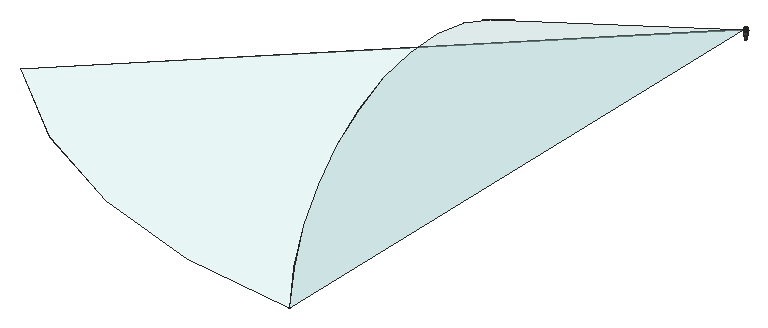
Revit family "Rotor 2045 Series - 2045PJ", category Acessórios do tubo, Revit 2020
Family settings
  Cota do conector redondo = Utilizar diâmetro
  Tipo de parte = Normal
  Número OmniClass = 23.60.30.11.14
  Título OmniClass = Pipework Fittings
  Com base no plano de trabalho = Não
  Sempre na vertical = Sim
  Corte com vazios quando carregada = Não
  Compartilhado = Não
Parameters (values of type "Nozzle 10")
  Water = Water
  URL = "https://www.rainbird.com/"
  TABLE 60 = "TABLE 60 psi"
  TABLE 55 = "TABLE 55psi"
  TABLE 45 = "TABLE 45psi"
  TABLE 35 = "TABLE 35psi"
  TABLE 25 = "TABLE 25psi"
  SupportProjetos: Reviw Date = ""  # constant formula
  SupportProjetos: Reviw = "R00"  # constant formula
  SupportProjetos: Level of Detail = "LOD 300"  # constant formula
  SupportProjetos: Developed = "MICHEL SOARES MOTA"  # constant formula
  SupportProjetos: Creation Date = "14/08/2020"  # constant formula
  Side inlet = no
  Rotation Water Visibility [instance] = Pop up on  # yes
  Rotation Angle [instance] = 45.00°
  RainBird: Product Link = "https://www.rainbird.com/"
  RainBird: Description = "2045PJ Rotor "  # constant formula
  RainBird: Comment [instance] = ""
  RainBird: Code = "B4610008MX"  # constant formula
  Radius [instance] = if(and(Pressure = 25.0 psi, Instance > 1 ft), size_lookup(TABLE 25, "Radius", 0 ft, Instance), if(and(Pressure = 35.0 psi, Instance > 0 ft), size_lookup(TABLE 35, "Radius", 0 ft, Instance), if(and(Pressure = 45.0 psi, Instance > 0 ft), size_lookup(TABLE 45, "Radius", 0 ft, Instance), if(and(Pressure = 55.0 psi, Instance > 0 ft), size_lookup(TABLE 55, "Radius", 0 ft, Instance), if(and(Pressure = 60.0 psi, Instance > 0 ft), size_lookup(TABLE 60, "Radius", 0 ft, Instance), 600 ft)))))  # 41 ft
  RT = 0.009893 ft
  RN = 0.041667 ft
  R5 = 0.03937 ft
  R4 = 0.049213 ft
  R3 = 0.065617 ft
  R2 = 0.107455 ft
  R1 = 0.032808 ft
  Pressure [instance] = 35.0 psi
  Pop up height = 0.164042 ft
  Pop up on [instance] = yes
  Modelo = "2045PJ"  # constant formula
  Instance = 6 ft
  H1 = Body height / 3  # 0.194663 ft
  Flow [instance] = if(and(Pressure = 25.0 psi, Instance > 1 ft), size_lookup(TABLE 25, "Flow", 0.0 GPM, Instance), if(and(Pressure = 35.0 psi, Instance > 0 ft), size_lookup(TABLE 35, "Flow", 0.0 GPM, Instance), if(and(Pressure = 45.0 psi, Instance > 0 ft), size_lookup(TABLE 45, "Flow", 0.0 GPM, Instance), if(and(Pressure = 55.0 psi, Instance > 0 ft), size_lookup(TABLE 55, "Flow", 0.0 GPM, Instance), if(and(Pressure = 60.0 psi, Instance > 0 ft), size_lookup(TABLE 60, "Flow", 0.0 GPM, Instance), 0.0 GPM)))))  # 4.8 GPM
  Fabricante = "Rain Bird"
  Elevação padrão = 0 ft
  Description = RainBird: Description  # "2045PJ Rotor "
  DD13 = 0.002625 ft
  DD12 = 0.003937 ft
  DD11 = 0.009897 ft
  DD10 = 0.016404 ft
  DD8 [instance] = if(Pop up on, Pop up height, 0 ft)  # 0.164042 ft
  DD7 = 0.019685 ft
  DD6 [instance] = 0.016404 ft
  DD5 = 0.065617 ft
  DD4 = 0.082021 ft
  DD3 = 0.295276 ft
  DD2 [instance] = 0.024514 ft
  DD9 [instance] = if(Pop up on, Pop up height + 0.049541 ft, 0.026247 ft)  # 0.213583 ft
  DD1 = 0.006562 ft
  DD = 0.114829 ft
  Conection = 0.062664 ft  # constant formula
  Body height = 0.58399 ft
  Blue = Blue Plastic
  Black Plastic = Black Plastic
  Angle = 25.00°
Types (8, lengths in ft): name | Rotation Angle | Radius | Pressure | Instance | Flow
  (no name) | 45.00° | 41 | 35.0 psi | 6 | 4.8 GPM
  Nozzle 06 | 360.00° | 37 | 35.0 psi | 1 | 2.0 GPM
  Nozzle 07 LA | 45.00° | 23 | 35.0 psi | 2 | 1.9 GPM
  Nozzle 07 | 45.00° | 39 | 45.0 psi | 3 | 3.0 GPM
  Nozzle 08 | 45.00° | 38 | 35.0 psi | 4 | 3.3 GPM
  Nozzle 10 LA | 45.00° | 29 | 35.0 psi | 5 | 4.0 GPM
  Nozzle 10 | 45.00° | 41 | 35.0 psi | 6 | 4.8 GPM
  Nozzle 12 | 45.00° | 42 | 35.0 psi | 7 | 6.3 GPM
Reference planes (ft)
  plane 1 "Centro (Frente/Trás)": y = 0
  plane 2: z = 0
  plane 3 "Centro (Esquerda/Direita)": x = 0
  plane 4: z = 0.003937
  plane 5: z = 0.002625
  plane 6: y = -0.065617
Forms (ft)
  Revolve 1, solid, material "Black Plastic" <- "Black Plastic"
    sketch origin (0, 0, 0) x (1, 0, 0) y (0, 0, 1)
      loop
        line (0.107455, -0.289018) -> (0.107455, -0.018846) -> (0.136328, -0.018846)
        arc (0.136328, -0.018846) -> (0.133415, -0.005812) -> (0.121391, 0) r 0.015342
        line (0.121391, 0) -> (0.022966, 0) -> (0.022966, 0.164042) -> (0.110538, 0.164042) -> (0.110538, 0.170878)
        arc (0.110538, 0.170878) -> (0.108361, 0.176135) -> (0.103103, 0.178312) r 0.007435
        line (0.103103, 0.178312) -> (0.006562, 0.178312) -> (0.006562, -0.044055) -> (0.03937, -0.044055) -> (0.03937, -0.334646) -> (0.019685, -0.334646) -> (0.019685, -0.551181) -> (0.041667, -0.551181) -> (0.041667, -0.58399) -> (0.049213, -0.58399) -> (0.049213, -0.551181) -> (0.065319, -0.551181)
        arc (0.065319, -0.551181) -> (0.072314, -0.548284) -> (0.075211, -0.541288) r 0.009893
        line (0.075211, -0.541288) -> (0.075211, -0.295276) -> (0.101198, -0.295276)
        arc (0.101198, -0.295276) -> (0.105623, -0.293443) -> (0.107455, -0.289018) r 0.006257
      axis (0, -0.58399) -> (0, 0.178312)
    angle from 0 to 360
  Extrusion 2, solid, material "Water" <- "Water", visible <- "Rotation Water Visibility"
    sketch origin (0, 0, 0) x (0, 1, 0) y (0, 0, 1)
      loop
        line (-0.082021, 0.117454) -> (-22.964454, 10.787708)
        arc (-22.964454, 10.787708) -> (-34.829931, 10.218209) -> (-41.082021, 0.117454) r 12.757305
        line (-41.082021, 0.117454) -> (-0.082021, 0.117454)
    from -0.008202 to 0.008202
  Extrusion 3, solid, material "Black Plastic" <- "Black Plastic", visible <- "Pop up on"
    sketch origin (-0.00137, -0.002795, -0.035698) x (-0.00469, 0.999989, 0) y (0, 0, 1)
      loop
        line (-0.040994, 0.156611) -> (-0.048436, 0.14065)
        arc (-0.048436, 0.14065) -> (-0.072997, 0.145588) -> (-0.053427, 0.129948) r 0.012889
        line (-0.053427, 0.129948) -> (-0.053427, 0.094988)
        arc (-0.053427, 0.094988) -> (-0.052568, 0.092915) -> (-0.050495, 0.092056) r 0.002932
        line (-0.050495, 0.092056) -> (-0.041469, 0.092056) -> (-0.041469, 0.095737) -> (-0.019952, 0.081224) -> (0.037968, 0.081224) -> (0.040501, 0.065363) -> (0.040501, 0.035698) -> (0.04524, 0.035698) -> (0.050298, 0.081224) -> (0.050298, 0.100559) -> (0.072978, 0.106863)
        arc (0.072978, 0.106863) -> (0.078924, 0.117387) -> (0.068401, 0.123333) r 0.008547
        line (0.068401, 0.123333) -> (0.050298, 0.110657) -> (0.050298, 0.150049)
        arc (0.050298, 0.150049) -> (0.048376, 0.154689) -> (0.043737, 0.156611) r 0.006562
        line (0.043737, 0.156611) -> (-0.040994, 0.156611)
      loop
        line (-0.034211, 0.143466) -> (-0.034211, 0.125376) -> (-0.014598, 0.11623) -> (0.01821, 0.11623) -> (0.040501, 0.108117) -> (0.040501, 0.143466) -> (-0.034211, 0.143466)
      loop
        line (-0.034211, 0.107286) -> (-0.014889, 0.094253) -> (0.040501, 0.094253) -> (0.040501, 0.104202) -> (0.016551, 0.106863) -> (-0.016257, 0.106863) -> (-0.034211, 0.118973) -> (-0.034211, 0.107286)
    from -0.012219 to 0.012755
Dimensions and locks (ft)
  "Body height": level to Revolve 1 sketch curve
  "R2": Revolve 1 sketch curve to plane 3 "Centro (Esquerda/Direita)"
  "DD3": level to Revolve 1 sketch curve
  Revolve 1 sketch curve to plane 3 "Centro (Esquerda/Direita)" = 0.075211 ft
  "R4": Revolve 1 sketch curve to plane 3 "Centro (Esquerda/Direita)"
  "RN": Revolve 1 sketch curve to plane 3 "Centro (Esquerda/Direita)"
  "DD7": Revolve 1 sketch curve to plane 3 "Centro (Esquerda/Direita)"
  "DD12": plane 4 to level
  "DD13": plane 5 to level
  "R3": plane 6 to plane 1 "Centro (Frente/Trás)"
  "DD4": plane 1 "Centro (Frente/Trás)" to Extrusion 2 sketch curve
  "Radius": Extrusion 2 sketch curve to Extrusion 2 sketch curve
  equal spacing: Extrusion 2, plane 3 "Centro (Esquerda/Direita)", Extrusion 2
  "DD6": Extrusion 2 to Extrusion 2
  "DD8": Revolve 1 sketch curve to Revolve 1 sketch curve
  "DD": Extrusion 2 sketch curve to plane 5
  "RT": radius of Revolve 1 sketch curve
  "Angle": angle Extrusion 2 sketch curve to Extrusion 2 sketch curve
  aligned and locked: level to plane 2
  aligned and locked: Revolve 1 sketch curve to Revolve 1 sketch curve
Automatic sketch dimensions
  level to Extrusion 3 sketch curve = 0 ft
  plane 4 to Extrusion 3 sketch curve = 0.100506 ft
  Extrusion 3 sketch curve to Extrusion 3 sketch curve = 0.007889 ft
  Extrusion 3 sketch curve to Extrusion 3 sketch curve = 0.002932 ft
  plane 4 to Extrusion 3 sketch curve = 0.101015 ft
  Extrusion 3 sketch curve to Extrusion 3 sketch curve = 0.00499 ft
  Extrusion 3 sketch curve to Extrusion 3 sketch curve = 0.009026 ft
  plane 4 to Extrusion 3 sketch curve = 0.116976 ft
  Extrusion 3 sketch curve to Extrusion 3 sketch curve = 0.007443 ft
  Extrusion 3 sketch curve to Extrusion 3 sketch curve = 0.019216 ft
  Extrusion 3 sketch curve to Extrusion 3 sketch curve = 0.014225 ft
  Extrusion 3 sketch curve to Extrusion 3 sketch curve = 0.021517 ft
  Extrusion 3 sketch curve to Extrusion 3 sketch curve = 0.017953 ft
  plane 4 to Extrusion 3 sketch curve = 0.054618 ft
  Extrusion 3 sketch curve to Extrusion 3 sketch curve = 0.001369 ft
  Extrusion 3 sketch curve to Extrusion 3 sketch curve = 0.001659 ft  (x2)
  plane 4 to Extrusion 3 sketch curve = 0.067228 ft  (x2)
  Extrusion 3 sketch curve to Extrusion 3 sketch curve = 0.031149 ft
  plane 4 to Extrusion 3 sketch curve = 0.041589 ft  (x2)
  Extrusion 3 sketch curve to Extrusion 3 sketch curve = 0.021417 ft
  plane 4 to Extrusion 3 sketch curve = 0.064567 ft
  Extrusion 3 sketch curve to Extrusion 3 sketch curve = 0.002534 ft  (x2)
  Extrusion 3 sketch curve to Extrusion 3 sketch curve = 0 ft  (x2)
  Extrusion 3 sketch curve to Extrusion 3 sketch curve = 0.003235 ft
  Extrusion 3 sketch curve to Extrusion 3 sketch curve = 0.004739 ft
  Extrusion 3 sketch curve to Extrusion 3 sketch curve = 0.012331 ft
  plane 4 to Extrusion 3 sketch curve = 0.083698 ft
  Extrusion 3 sketch curve to Extrusion 3 sketch curve = 0.018102 ft
  Extrusion 3 sketch curve to Extrusion 3 sketch curve = 0.002289 ft  (x2)
  Extrusion 3 sketch curve to Extrusion 3 sketch curve = 0.015861 ft
  Extrusion 3 sketch curve to Extrusion 3 sketch curve = 0.010832 ft
  Extrusion 3 sketch curve to Extrusion 3 sketch curve = 0.003682 ft
  Extrusion 3 sketch curve to Extrusion 3 sketch curve = 0.003643 ft
  Extrusion 3 sketch curve to Extrusion 3 sketch curve = 0.011549 ft
  Extrusion 3 sketch curve to Extrusion 3 sketch curve = 0.003915 ft
  Extrusion 3 sketch curve to Extrusion 3 sketch curve = 0.010098 ft
  Extrusion 3 sketch curve to Extrusion 3 sketch curve = 0.009367 ft
  Extrusion 3 sketch curve to Extrusion 3 sketch curve = 0.011687 ft
  Extrusion 3 sketch curve to Extrusion 3 sketch curve = 0.006403 ft
  Extrusion 3 sketch curve to Extrusion 3 sketch curve = 0.002816 ft
  Revolve 1 sketch curve to plane 3 "Centro (Esquerda/Direita)" = 0 ft
  Revolve 1 sketch curve to level = 0 ft
  plane 3 "Centro (Esquerda/Direita)" to Revolve 1 sketch curve = 0.006562 ft
  Revolve 1 sketch curve to Revolve 1 sketch curve = 0.016404 ft
  Revolve 1 sketch curve to Revolve 1 sketch curve = 0.032808 ft  (x2)
  Revolve 1 sketch curve to Revolve 1 sketch curve = 0.006257 ft
  Revolve 1 sketch curve to Revolve 1 sketch curve = 0.080138 ft
  Revolve 1 sketch curve to Revolve 1 sketch curve = 0.007435 ft
  Revolve 1 sketch curve to Revolve 1 sketch curve = 0.013936 ft
  Revolve 1 sketch curve to Revolve 1 sketch curve = 0.014937 ft
  Revolve 1 sketch curve to Revolve 1 sketch curve = 0.03937 ft
  Revolve 1 sketch curve to level = 0.044055 ft
  Revolve 1 sketch curve to level = 0.018846 ft
  Revolve 1 sketch curve to Revolve 1 sketch curve = 0.006836 ft
  Revolve 1 sketch curve to Revolve 1 sketch curve = 0.043762 ft
  Revolve 1 sketch curve to Revolve 1 sketch curve = 0.860602 ft
  Extrusion 2 sketch curve to level = 0.774337 ft
Nested families (ft)
  nested 1: "Water" at (0.00015, 0, -0.005978) x (0, -1, 0) z (0, 0, 1), DT9 <- "DD4", Radius <- "Radius", visible <- "Rotation Water Visibility", Rotation Angle <- "Rotation Angle", type "Water"
    with Rotation Angle 45.00°, Radius 41 ft, DT9 0.082021 ft, DT8 0 ft, DT7 164 ft, DT4 205 ft, Angle 2 315.00°
Connectors (ft)
  piping at (0, 0, -0.58399), diameter 2
    settings: on Revolve 1, index 1, connector inside diameter 609.6 mm, connector length 0 ft, flow factor 0, pipe flow 0.0 GPM, pressure drop 0.0 psi, fitting loss kfactor 0, connector angle 0.00°, fixture units 0, engagement length 0 ft, angle of deflection 0.00°, flow configuration 0, flow direction 0, fitting loss method 0, system type 28, joint type 0, gender type 0, connector reference index -1, connector utility 0, adjustable connector no, is connector primary yes, connector description ""
Definition of nested family "Water"
  Parameters (values of type "Water")
    Water Visibility (Circle) = yes
    Water = none
    URL = ""
    SupportProjetos: Reviw Date = ""  # constant formula
    SupportProjetos: Level of Detail = "LOD 300"  # constant formula
    SupportProjetos: Developed = "MICHEL SOARES MOTA"  # constant formula
    SupportProjetos: Creation Date = "16/07/2020"  # constant formula
    Rotation Angle [instance] = 90.00°
    Reviw = "R00"  # constant formula
    Radius [instance] = 14 ft
    Model = ""
    Default Elevation = 4 ft
    Description = ""
    DT9 [instance] = 0.032808 ft
    DT8 [instance] = if(Rotation Angle = 360.00°, 10 ft, 0 ft)  # 0 ft
    DT7 [instance] = 4 * Radius  # 56 ft
    DT4 [instance] = 5 * Radius  # 70 ft
    DT2 = 0.098425 ft  # constant formula
    DT6 = 0 ft
    Angle 2 [instance] = if(Rotation Angle = 360.00°, 180.00°, 360.00° - Rotation Angle)  # 270.00°
  Reference planes (ft)
    plane 1 "Centro (Frente/Trás)": y = 0
    plane 2: z = 0
    plane 3 "Centro (Esquerda/Direita)": x = 0
  Forms (ft)
    Revolve 1, solid, material <- "Water", visible <- "Water Visibility (Circle)"
      sketch origin (0, 0, 0) x (1, 0, 0) y (0, 0, 1)
        loop
          line (0.032808, 0.098425) -> (14.032808, 0.098425) -> (14.032808, 0.119259) -> (0.032808, 0.119259) -> (0.032808, 0.098425)
        axis (0, 0.098425) -> (0, 0.119259)
      angle from 0 to 360
    Extrusion 2, void
      sketch origin (0, 0, 0) x (1, 0, 0) y (0, 1, 0)
        loop
          line (0, 0) -> (70, 0) -> (70, 56)
          arc (70, 56) -> (-70.459018, 51.588344) -> (0, -70) r 81.847109
          line (0, -70) -> (0, 0)
      from 0 to 15.189231
  Cuts and joins
    Extrusion 2 cuts Revolve 1
  Dimensions and locks (ft)
    "DT2": Revolve 1 sketch curve to level
    "DT4": Extrusion 2 sketch curve to Extrusion 2 sketch curve  (x2)
    "DT6": Extrusion 2 sketch curve to plane 3 "Centro (Esquerda/Direita)"
    "DT7": Extrusion 2 sketch curve to Extrusion 2 sketch curve
    "DT8": cut or joined group of Revolve 1, Extrusion 2 to level
    "Radius": Revolve 1 sketch curve to Revolve 1 sketch curve
    "DT9": Revolve 1 sketch curve to plane 3 "Centro (Esquerda/Direita)"
    "Angle 2": angle Extrusion 2 sketch curve to Extrusion 2 sketch curve
    aligned and locked: level to plane 2
    aligned and locked: plane 1 "Centro (Frente/Trás)" to Extrusion 2 sketch curve
  Automatic sketch dimensions
    plane 3 "Centro (Esquerda/Direita)" to Extrusion 2 sketch curve = 1.088227 ft
    Revolve 1 sketch curve to plane 3 "Centro (Esquerda/Direita)" = 0 ft
    Revolve 1 sketch curve to Revolve 1 sketch curve = 0.020833 ft
    Revolve 1 sketch curve to Revolve 1 sketch curve = 0.032113 ft
    Revolve 1 sketch curve to Revolve 1 sketch curve = 10.2693 ft
